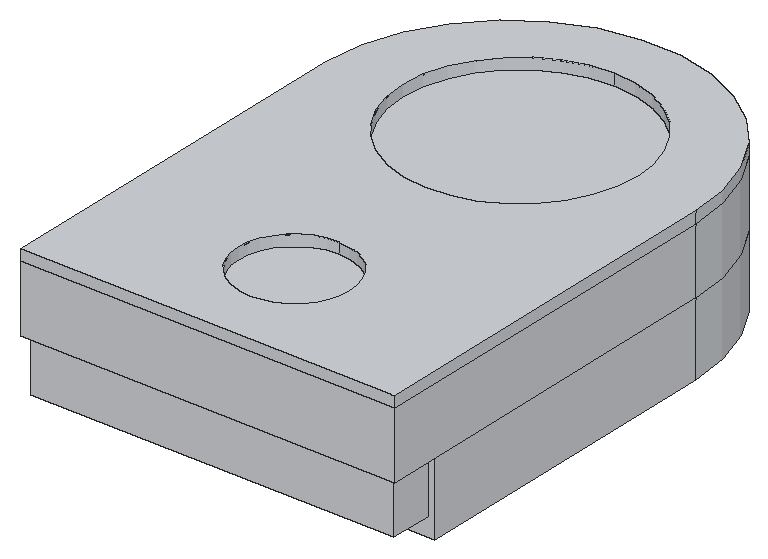
Revit family "Gira_026867", category Electrical Fixtures, host Face, Revit 2017
Family settings
  Host = Face
  Maintain Annotation Orientation = Yes
  Round Connector Dimension = Use Diameter
  Part Type = Normal
  Cut with Voids When Loaded = No
  Shared = No
  Room Calculation Point = No
Parameters (values of type "Blank cov.pl. Gira TX_44 (WP FM) anthra.")
  With strain relief = "No"
  With imprint = "No"
  With hinged lid = "No"
  With dust cover = "No"
  Utilization = "Blind cap"
  URL = "http://katalog.gira.de/en/datenblatt.html?artikelnr=026867"
  Type of fastening = "Mounting with screw"
  Transparent = "No"
  Surface protection = "Other"
  Surface finishing = "Not applicable"
  Support ring = "No"
  Suitable for degree of protection (IP) = "IP44"
  Name = "Blank cov.pl. Gira TX_44 (WP FM) anthra."
  Mounting method = "Flush mounted (plaster)"
  Material quality = "Other"
  Material = "Other"
  Manufacturer URL = "https://www.gira.de/"
  Manufacturer = "Gira"
  Luster terminal = "No"
  Keynote = ""
  Imprintable label = "Without indication field"
  HeinzeBIM = "https://bimportal.heinze.de/bim/blank-cov-pl-gira-tx-44-wp-fm-anthra-/570e2759334f7a04389f9be654b5f36303fffd55"
  Halogen free = "No"
  HAN = "026867"
  GTIN = "4010337268673"
  Description = "Bl.cov.pl. TX_44 AN,Blank cover plate,,anthracite,Notes :,- Wall plugs must be used for the frames when using 1-gang frames."
  Default Elevation = 1219.2 mm
  Data sheet (1) = "https://katalog.gira.de/en/download.html?artikelnr=026867"
  Colour = "Anthracite"
  Category = "Insert/cover for communication technology"
  BIM (1) = "https://media.stage.bim.site/public/gira/36a6b08/Türstation_Schalten und Tasten.rfa?public/gira/36a6b08/Türstation_Schalten und Tasten.rfa"
  Available = "No"
  Assembly arrangement = "Central cover plate"
Reference planes
  plane 1 "Center (Front/Back)": y = 0
  plane 2: z = 0
  plane 3 "Center (Left/Right)": x = 0
Forms (mm)
  Extrusion 1, solid, detail levels fine
    sketch origin (0, 0, 0) x (1, 0, 0) y (0, 1, 0)
      loop
        line (33.49, -50.461) -> (33.49, 16.971)
        arc (33.49, 16.971) -> (0.419, 50.458) -> (-33.479, 17.809) r 33.49
        line (-33.479, 17.809) -> (-33.479, -50.461) -> (33.49, -50.461)
      loop
        circle (0, 19.471) r 21
      loop
        circle (0, -31.029) r 10
    from 25 to 27
  Extrusion 2, solid, detail levels fine
    sketch origin (0, 0, 0) x (1, 0, 0) y (0, 1, 0)
      loop
        arc (33.49, 16.971) -> (0.419, 50.458) -> (-33.479, 17.809) r 33.49
        line (-33.479, 17.809) -> (-33.479, -50.461) -> (33.49, -50.461) -> (33.49, 16.971)
    from 13 to 25
  Extrusion 3, solid, detail levels fine
    sketch origin (0, 0, 0) x (1, 0, 0) y (0, 1, 0)
      loop
        arc (33.49, 16.971) -> (0.419, 50.458) -> (-33.479, 17.809) r 33.49
        line (-33.479, 17.809) -> (-33.479, -41.508) -> (33.49, -41.508) -> (33.49, 16.971)
    from 0 to 13
  Extrusion 4, solid, detail levels fine
    sketch origin (0, 0, 0) x (1, 0, 0) y (0, 1, 0)
      loop
        line (32.5, -49.379) -> (32.5, -41.879) -> (-32.5, -41.879) -> (-32.5, -49.379) -> (32.5, -49.379)
    from 3.5 to 13
  Extrusion 5, solid, detail levels medium
    sketch origin (0, 0, 0) x (1, 0, 0) y (0, 1, 0)
      loop
        arc (33.49, 16.971) -> (0.419, 50.458) -> (-33.479, 17.809) r 33.49
        line (-33.479, 17.809) -> (-33.479, -50.461) -> (33.49, -50.461) -> (33.49, 16.971)
    from 0 to 27
  Extrusion 6, solid, detail levels coarse
    sketch origin (0, 0, 0) x (1, 0, 0) y (0, 1, 0)
      loop
        line (-33.479, 50.461) -> (-33.479, -50.461) -> (33.49, -50.461) -> (33.49, 50.461) -> (-33.479, 50.461)
    from 0 to 27
Dimensions and locks
  aligned and locked: plane 2 to host face
  aligned and locked: level to host face
  aligned and locked: plane 3 "Center (Left/Right)" to nested 1
  aligned and locked: plane 1 "Center (Front/Back)" to nested 1
Nested families
  nested 1: "Taster mit Türöffner - Beschriftung" at (0, 0, 0), type "Taster mit Türöffner - Beschriftung"
Connectors
  electrical at (0.005, 0, 0)
    settings: on Extrusion 6, index 1, voltage 220 V, apparent load 0 VA, apparent load phase1 0 VA, apparent load phase2 0 VA, apparent load phase3 0 VA, power factor 1, load classification "Other", number of poles 1, system type 30, power factor state 1, is connector primary yes, connector utility no, sub classification motor no, connector description ""
Definition of nested family "Taster mit Türöffner - Beschriftung"
  Reference planes
    plane 1: y = 0
    plane 2: x = 0
  Lines and regions (mm)
    detail lines
      curve 1: line (3, 0, 0) -> (-3, 0, 0)
      curve 2: line (3, 3, 0) -> (3, 0, 0)
      curve 3: line (-3, 3, 0) -> (3, 3, 0)
      curve 4: line (-3, 0, 0) -> (-3, 3, 0)
      curve 5: line (3, 3, 0) -> (-3, 0, 0)
      curve 7: circle (1.899, 1.25, 0) r 0.8 normal (0, 0, 1)
      curve 8: circle (1.899, 1.25, 0) r 0.4 normal (0, 0, 1)
      curve 10: line (-0.152, 2.6, 0) -> (-1.152, 2.6, 0)
      curve 11: line (-1.852, 2.6, 0) -> (-2.552, 2.6, 0)
      curve 12: line (-1.852, 2.6, 0) -> (-1.852, 2.3, 0)
      curve 13: line (-1.152, 2.6, 0) -> (-1.903, 2.326, 0)
    reference lines
      curve 6: line (3, 1.5, 0) -> (-3, 1.5, 0)
      curve 9: line (3.348, 2.6, 0) -> (-3.652, 2.6, 0)
  Dimensions and locks
    curve 2 to curve 4 = 6 mm
    curve 3 to curve 1 = 3 mm
    curve 9 to curve 3 = 0.4 mm
